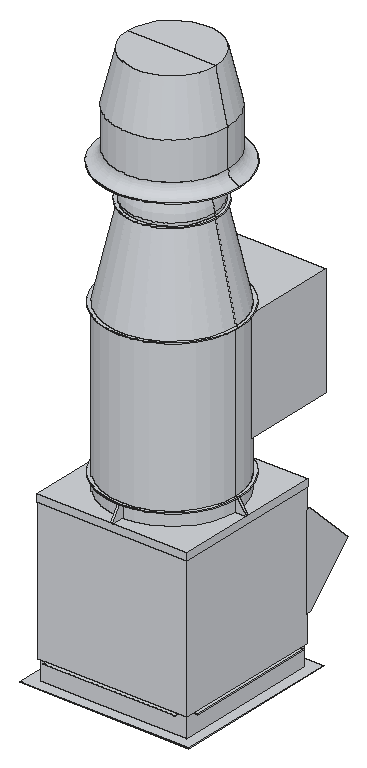
Revit family "QMXVP_with_Mixing_Box", category Mechanical Equipment, Revit 2019
Family settings
  Round Connector Dimension = Use Diameter
  Part Type = Normal
  Work Plane-Based = No
  Always vertical = Yes
  Cut with Voids When Loaded = No
  Shared = No
  Room Calculation Point = No
Parameters (values of type "402_QMXVP-27L-Mixing_Box")
  Unit Weight [instance] = ""
  UNIT_RADIUS+4" = UNIT_RADIUS + 0' 4"  # 2' - 8 15/32"
  UNIT_RADIUS*.6 = UNIT_RADIUS * 0.9  # 2' - 1.62188"
  UNIT_RADIUS = UNIT_OD / 2  # 2' - 4 15/32"
  UNIT_OD = 4' - 8 15/16"
  UNIT_HEIGHT*.75 = UNIT_HEIGHT * 0.75  # 4' - 3 3/8"
  UNIT_HEIGHT = 5' - 8 1/2"
  TYPE = 0' - 0"
  TRANSITION_TOP = 9' - 10 3/4"
  Sones [instance] = ""
  RO/2 = RO / 2  # 2' - 5 23/32"
  RO = 4' - 11 7/16"
  NOZZLE_WB_RAD-2" = NOZZLE_WB_RAD - 0' 2"  # 2' - 4 1/2"
  NOZZLE_WB_RAD = NOZZLE_WB_OD / 2  # 2' - 6 1/2"
  NOZZLE_WB/4 = NOZZLE_WB_OD / 5  # 1' - 0.2"
  NOZZLE_TOP_RAD = NOZZLE_TOP_OD / 2  # 1' - 7 27/32"
  NOZZLE_TOP_OD = if(NOZZLE_SIZE = 9' 0", 1' 1 1/2", if(NOZZLE_SIZE = 12' 0", 1' 7 1/2", if(NOZZLE_SIZE = 15' 0", 1' 11", if(NOZZLE_SIZE = 18' 0", 2' 3 1/2", if(NOZZLE_SIZE = 21' 0", 2' 6 3/4", if(NOZZLE_SIZE = 24' 0", 3' 0 1/2", if(NOZZLE_SIZE = 27' 0", 3' 3 11/16", if(NOZZLE_SIZE = 30' 0", 3' 9 1/2", if(NOZZLE_SIZE = 36' 0", 4' 10", if(NOZZLE_SIZE = 49' 0", 6' 4", 0' 1"))))))))))  # 3' - 3 11/16"
  NOZZLE_SIZE = 27' - 0"
  NOZZLE_HEIGHT/7*2 = NOZZLE_HEIGHT / 8 * 2  # 1' - 3 5/32"
  NOZZLE_HEIGHT = if(NOZZLE_SIZE = 9' 0", 2' 4", if(NOZZLE_SIZE = 12' 0", 2' 8", if(NOZZLE_SIZE = 15' 0", 3' 7", if(NOZZLE_SIZE = 18' 0", 4' 0", if(NOZZLE_SIZE = 21' 0", 4' 4 3/4", if(NOZZLE_SIZE = 24' 0", 5' 2", if(NOZZLE_SIZE = 30' 0", 6' 6", if(NOZZLE_SIZE = 27' 0", 5' 0 5/8", if(NOZZLE_SIZE = 36' 0", 7' 11", if(NOZZLE_SIZE = 49' 0", 9' 2", 0' 1"))))))))))  # 5' - 0 5/8"
  NOZZLE_BOTTOM_RAD = NOZZLE_BOTTOM_ID / 2  # 1' - 7 5/32"
  NOZZLE_WB_OD = if(NOZZLE_SIZE = 9' 0", 1' 11", if(NOZZLE_SIZE = 12' 0", 2' 4", if(NOZZLE_SIZE = 15' 0", 3' 0", if(NOZZLE_SIZE = 18' 0", 3' 7", if(NOZZLE_SIZE = 21' 0", 4' 1", if(NOZZLE_SIZE = 24' 0", 5' 1", if(NOZZLE_SIZE = 27' 0", 5' 1", if(NOZZLE_SIZE = 30' 0", 6' 2", if(NOZZLE_SIZE = 36' 0", 7' 6", if(NOZZLE_SIZE = 49' 0", 8' 5", 0' 1"))))))))))  # 5' - 1"
  NOZZLE_BOTTOM_ID = if(NOZZLE_SIZE = 9' 0", 1' 0 13/16", if(NOZZLE_SIZE = 12' 0", 1' 5 1/16", if(NOZZLE_SIZE = 15' 0", 1' 9 3/8", if(NOZZLE_SIZE = 18' 0", 2' 1 5/8", if(NOZZLE_SIZE = 21' 0", 2' 4 3/4", if(NOZZLE_SIZE = 24' 0", 2' 10 3/4", if(NOZZLE_SIZE = 27' 0", 3' 2 5/16", if(NOZZLE_SIZE = 30' 0", 3' 6 1/2", if(NOZZLE_SIZE = 36' 0", 4' 3 3/4", if(NOZZLE_SIZE = 49' 0", 5' 9 3/8", 0' 1"))))))))))  # 3' - 2 5/16"
  Motor RPM [instance] = ""
  Motor Enclosure [instance] = ""
  ModelID [instance] = ""
  MB_HT/2 = MB_HT / 2  # 2' - 8 31/32"
  MB_HT-2.75" = MB_HT - 0' 2 3/4"  # 5' - 3 3/16"
  MB_HT+.25" = MB_HT + 0' 0 1/4"  # 5' - 6 3/16"
  MB_HT = 5' - 5 15/16"
  MB_A = 7' - 6"
  LwA [instance] = ""
  GA = if(UNIT_OD > 7' 0", 0' 0 23/128", if(UNIT_OD > 5' 9", 0' 0 17/128", 0' 0 27/256"))  # 0' - 0 27/256"
  Fan RPM [instance] = ""
  E = 5' - 5 3/4"
  CURB_HEIGHT [instance] = 1' - 0"
  CURB [instance] = yes
  C/2 = C / 2  # 3' - 8"
  C = 7' - 4"
  Bypass Damper Actuator = ""
  B/2 = B / 2  # 7' - 7 1/2"
  B = 15' - 3"
  Assembly Code = ""
  Accessories [instance] = ""
  A/2 = A / 2  # 2' - 9 1/2"
  A = 5' - 7"
  6" = 0' - 6"  # constant formula
  5" = 0' - 5"  # constant formula
  3.125" = 0' - 3 1/8"  # constant formula
  3" = 0' - 3"  # constant formula
  Brake Hp [instance] = ""
  4" = 0' - 4"  # constant formula
  2' = 2' - 0"
  2" = 0' - 2"  # constant formula
  135 = 135.00°
  1" = 0' - 1"  # constant formula
  0 = 0' - 0"  # constant formula
  Voltage [instance] = 0 V
  URL = "www.lorencook.com"
  Type Comments = if(TYPE = 1' 0", "Vari-Plume Laboratory Exhaust Mixed-Flow High Pressure Inline Belt Drive With Mixing Box\r\n", "Vari-Plume Laboratory Exhaust Mixed-Flow Inline Belt Drive With Mixing Box\r\n")  # "Vari-Plume Laboratory Exhaust Mixed-Flow Inline Belt Drive With Mixing Box\r\n"
  Static Pressure [instance] = 0.00 in-wg
  Power [instance] = Voltage * Motor FLA * sqrt(if(Phase = 3, 3, 1))  # 0 VA
  Phase [instance] = 0
  Number of Poles [instance] = 1
  Motor Hp [instance] = "0"
  Motor FLA [instance] = 0 A
  Model = if(TYPE = 1' 0", "QMXHPVP-Mixing Box", "QMXVP-Mixing Box")  # "QMXVP-Mixing Box"
  Manufacturer = "Loren Cook Company"
  CFM [instance] = 0 CFM
  1.5 = 0' - 1 1/2"  # constant formula
  1/4 = 0' - 0 1/4"  # constant formula
  ONE EIGTH = 0' - 0 1/8"  # constant formula
  -A = -A  # -5' - 7"
  (NOZZLE_WB_OD-NOZZLE_TOP_OD)/2 = (NOZZLE_WB_OD - NOZZLE_TOP_OD) / 4  # 0' - 5 21/64"
  (NOZZLE_HEIGHT-(NOZZLE_HEIGHT/8*2))/2 = (NOZZLE_HEIGHT - (NOZZLE_HEIGHT / 8 * 2)) / 2  # 1' - 10 47/64"
  (A/2)+.25" = (A / 2) + 0' 0 1/4"  # 2' - 9 3/4"
Reference planes (in)
  plane 1 "Center (Front/Back)": y = 0
  plane 2: z = 0
  plane 3 "Center (Left/Right)": x = 0.40541
Forms (in)
  Extrusion 1, solid
    sketch origin (0, 0, 0) x (1, 0, 0) y (0, 1, 0)
      loop
        line (-33.34459, 33.75) -> (-33.34459, -33.75) -> (34.15541, -33.75) -> (34.15541, 33.75) -> (-33.34459, 33.75)
    from 66.1875 <- "MB_HT+.25"" to 63.1875 <- "MB_HT-2.75""
  Revolve 2, solid
    sketch origin (0, 0, 0) x (1, 0, 0) y (0, 0, 1)
      loop
        line (0.40541, 66.1875) -> (28.87416, 66.1875) -> (28.87416, 72.1875) -> (30.37416, 72.1875) -> (30.37416, 72.4375) -> (28.87416, 72.4375) -> (28.87416, 140.4375) -> (30.37416, 140.4375) -> (30.37416, 140.6875) -> (28.87416, 140.6875) -> (19.56166, 181.6875) -> (21.06166, 181.6875) -> (21.06166, 181.9375) -> (0.40541, 181.9375) -> (0.40541, 66.1875)
      axis (0.40541, 181.9375) -> (0.40541, 66.1875)
    angle from 0 to 360
  Revolve 3, solid
    sketch origin (0, 0, 0) x (1, 0, 0) y (0, 0, 1)
      loop
        line (0.40541, 181.9375) -> (19.56166, 181.9375) -> (19.56166, 182.9375)
        arc (19.56166, 182.9375) -> (17.72865, 190.82402) -> (12.60541, 197.09375) r 17.8824
        line (12.60541, 197.09375) -> (30.90541, 197.09375) -> (20.24916, 242.5625) -> (0.40541, 242.5625) -> (0.40541, 181.9375)
      axis (0.40541, 242.5625) -> (0.40541, 181.9375)
    angle from 0 to 360
  Extrusion 4, solid
    sketch origin (0.40541, 0, 140.4375) x (1, 0, 0) y (0, -1, 0)
      loop
        line (-25.62187, -12.40924) -> (-25.62187, -54.25) -> (25.62188, -54.25) -> (25.62188, -12.40924)
        arc (25.62188, -12.40924) -> (0, -28.46875) -> (-25.62187, -12.40924) r 28.46875
    from 51.375 <- "UNIT_HEIGHT*.75" to 1.5
  Extrusion 5, solid
    sketch origin (0, 0, 0) x (1, 0, 0) y (0, 0, 1)
      loop
        line (-33.34459, 66.1875) -> (-28.06334, 66.1875) -> (-28.06334, 72.1875) -> (-29.56334, 72.1875) -> (-33.34459, 66.1875)
      loop
        line (34.15541, 66.1875) -> (30.37416, 72.1875) -> (28.87416, 72.1875) -> (28.87416, 66.1875) -> (34.15541, 66.1875)
    from -0.5 to 0.5
  Extrusion 6, solid
    sketch origin (0.40541, 0, 0) x (0, 1, 0) y (0, 0, 1)
      loop
        line (33.75, 66.1875) -> (29.96875, 72.1875) -> (28.46875, 72.1875) -> (28.46875, 66.1875) -> (33.75, 66.1875)
      loop
        line (-33.75, 66.1875) -> (-28.46875, 66.1875) -> (-28.46875, 72.1875) -> (-29.96875, 72.1875) -> (-33.75, 66.1875)
    from -0.5 to 0.5
  Extrusion 7, solid
    sketch origin (0.40541, 0, 72.1875) x (1, 0, 0) y (0, -1, 0)
      loop
        line (-28.46875, 2) -> (-32.46875, 2) -> (-32.46875, -2) -> (-28.46875, -2) -> (-28.46875, 2)
    from -10 to -6
  Revolve 8, void
    sketch origin (0, 0, 0) x (1, 0, 0) y (0, 0, 1)
      loop
        arc (25.57729, 202.67188) -> (30.90541, 197.34375) -> (36.23354, 202.67188) r 5.32812
        line (36.23354, 202.67188) -> (36.23354, 219.82813) -> (25.57729, 219.82813) -> (25.57729, 202.67188)
      axis (0.40541, 202.67188) -> (0.40541, 219.82813)
    angle from 0 to 360
  Extrusion 9, solid
    sketch origin (0, 0, 0) x (1, 0, 0) y (0, 1, 0)
      loop
        line (-33.09459, 33.5) -> (-33.09459, -33.5) -> (33.90541, -33.5) -> (33.90541, 33.5) -> (-33.09459, 33.5)
    from 0 to 63.1875 <- "MB_HT-2.75""
  Extrusion 10, void
    sketch origin (0, 0, 0) x (1, 0, 0) y (0, 1, 0)
      loop
        line (-32.84459, 33.25) -> (-32.84459, -33.25) -> (33.65541, -33.25) -> (33.65541, 33.25) -> (-32.84459, 33.25)
    from 0 to 2.875
  Extrusion 11, solid
    sketch origin (0, 0, 0) x (1, 0, 0) y (0, 1, 0)
      loop
        line (-33.34459, 29.75) -> (-34.84459, 29.75) -> (-34.84459, -29.75) -> (-33.34459, -29.75) -> (-33.34459, 29.75)
      loop
        line (-29.34459, -33.75) -> (-29.34459, -35.25) -> (30.15541, -35.25) -> (30.15541, -33.75) -> (-29.34459, -33.75)
      loop
        line (34.15541, -29.75) -> (35.65541, -29.75) -> (35.65541, 29.75) -> (34.15541, 29.75) -> (34.15541, -29.75)
      loop
        line (30.15541, 33.75) -> (30.15541, 35.25) -> (-29.34459, 35.25) -> (-29.34459, 33.75) -> (30.15541, 33.75)
    from 0 to 0.125
  Extrusion 12, solid
    sketch origin (-33.09459, 33.5, 0) x (1, 0, 0) y (0, 0, -1)
      loop
        line (63, -61.1875) -> (63, -56.1875) -> (4, -56.1875) -> (4, -61.1875) -> (63, -61.1875)
    from 0 to 0.125
  Extrusion 13, solid
    sketch origin (-33.09459, 33.625, 0) x (1, 0, 0) y (0, 0, -1)
      loop
        line (11, -60.1875) -> (11, -57.1875) -> (5, -57.1875) -> (5, -60.1875) -> (11, -60.1875)
    from 0 to 3.5
  Extrusion 14, solid
    sketch origin (-33.09459, -33.5, 0) x (0, 1, 0) y (0, 0, -1)
      loop
        line (67, -53.96875) -> (69, -53.96875) -> (90, -32.96875) -> (69, -11.96875) -> (67, -11.96875) -> (67, -53.96875)
    from 0 to -67 <- "-A"
  Extrusion 15, solid, visible <- "CURB"
    sketch origin (0, 0, 2.875) x (0, 1, 0) y (1, 0, 0)
      loop
        line (29.71875, -29.31334) -> (29.71875, 30.12416) -> (-29.71875, 30.12416) -> (-29.71875, -29.31334) -> (29.71875, -29.31334)
      loop
        line (-32.84375, 33.24916) -> (-32.84375, -32.43834) -> (32.84375, -32.43834) -> (32.84375, 33.24916) -> (-32.84375, 33.24916)
    from 0 to 12 <- "CURB_HEIGHT"
  Extrusion 16, solid, visible <- "CURB"
    sketch origin (0, 0, -9.125) x (-1, 0, 0) y (0, 1, 0)
      loop
        line (32.43834, -32.84375) -> (32.43834, 32.84375) -> (-33.24916, 32.84375) -> (-33.24916, -32.84375) -> (32.43834, -32.84375)
      loop
        line (-38.24916, 37.84375) -> (-38.24916, -37.84375) -> (37.43834, -37.84375) -> (37.43834, 37.84375) -> (-38.24916, 37.84375)
    from 0 to -0.125
Cuts and joins
  Revolve 8 cuts Revolve 3
  Extrusion 10 cuts Extrusion 9
Dimensions and locks (in)
  "(A/2)+.25"": Extrusion 1 sketch curve to plane 3 "Center (Left/Right)"
  "(A/2)+.25"": plane 3 "Center (Left/Right)" to Extrusion 1 sketch curve
  "(A/2)+.25"": plane 1 "Center (Front/Back)" to Extrusion 1 sketch curve
  "(A/2)+.25"": Extrusion 1 sketch curve to plane 1 "Center (Front/Back)"
  "1/4": Revolve 2 sketch curve to Revolve 2 sketch curve  (x3)
  "1.5": Revolve 2 sketch curve to Revolve 2 sketch curve  (x3)
  "NOZZLE_BOTTOM_RAD": Revolve 2 sketch curve to plane 3 "Center (Left/Right)"
  "UNIT_HEIGHT": Revolve 2 sketch curve to Revolve 2 sketch curve
  "UNIT_RADIUS": Revolve 2 sketch curve to plane 3 "Center (Left/Right)"
  "UNIT_RADIUS": Revolve 2 sketch curve to Revolve 2 sketch curve
  "0": Revolve 2 sketch curve to plane 3 "Center (Left/Right)"  (x2)
  "0": Revolve 3 sketch curve to plane 3 "Center (Left/Right)"  (x2)
  "NOZZLE_TOP_RAD": Revolve 3 sketch curve to plane 3 "Center (Left/Right)"
  "NOZZLE_HEIGHT": Revolve 3 sketch curve to Revolve 2
  "0": Revolve 3 sketch curve to Revolve 2
  "NOZZLE_WB_RAD": Revolve 3 sketch curve to plane 3 "Center (Left/Right)"
  "NOZZLE_HEIGHT/7*2": Revolve 3 sketch curve to Revolve 3 sketch curve
  "NOZZLE_BOTTOM_RAD": Revolve 3 sketch curve to plane 3 "Center (Left/Right)"
  "1"": Revolve 3 sketch curve to Revolve 2  (x2)
  "NOZZLE_WB/4": Revolve 3 sketch curve to Revolve 3 sketch curve
  "0": Revolve 2 sketch curve to Revolve 2 sketch curve
  "0": Extrusion 4 sketch curve to plane 3 "Center (Left/Right)"
  "0": Extrusion 4 sketch curve to plane 1 "Center (Front/Back)"
  "UNIT_RADIUS*.6": Extrusion 4 sketch curve to plane 3 "Center (Left/Right)"
  "UNIT_RADIUS*.6": plane 3 "Center (Left/Right)" to Extrusion 4 sketch curve
  "0": Revolve 2 to Extrusion 5 sketch curve  (x3)
  "0": Extrusion 5 sketch curve to Revolve 2
  "1.5": Extrusion 5 sketch curve to Extrusion 5 sketch curve  (x2)
  "0": Revolve 2 to Extrusion 6 sketch curve
  "0": Extrusion 6 sketch curve to Revolve 2
  "UNIT_RADIUS": plane 1 "Center (Front/Back)" to Extrusion 6 sketch curve
  "UNIT_RADIUS": Extrusion 6 sketch curve to plane 1 "Center (Front/Back)"
  "1.5": Extrusion 6 sketch curve to Extrusion 6 sketch curve  (x2)
  "2"": plane 1 "Center (Front/Back)" to Extrusion 7 sketch curve
  "2"": Extrusion 7 sketch curve to plane 1 "Center (Front/Back)"
  "UNIT_RADIUS+4"": Extrusion 7 sketch curve to plane 3 "Center (Left/Right)"
  "UNIT_RADIUS": Extrusion 7 sketch curve to plane 3 "Center (Left/Right)"
  "NOZZLE_WB_RAD": Revolve 8 sketch curve to plane 3 "Center (Left/Right)"
  "(NOZZLE_WB_OD-NOZZLE_TOP_OD)/2": Revolve 8 sketch curve to Revolve 8 sketch curve  (x2)
  "1/4": Revolve 8 sketch curve to Revolve 3
  "(NOZZLE_HEIGHT-(NOZZLE_HEIGHT/8*2))/2": Revolve 8 sketch curve to Revolve 3
  "0": plane 3 "Center (Left/Right)" to Revolve 8 sketch curve
  "1/4": Extrusion 1 to Extrusion 9 sketch curve  (x3)
  "1/4": Extrusion 9 sketch curve to Extrusion 1
  "1/4": Extrusion 10 sketch curve to Extrusion 9  (x3)
  "1/4": Extrusion 9 to Extrusion 10 sketch curve
  "1.5": Extrusion 11 sketch curve to Extrusion 11 sketch curve  (x4)
  "0": Extrusion 11 sketch curve to Extrusion 1  (x3)
  "0": Extrusion 1 to Extrusion 11 sketch curve
  "4"": Extrusion 11 sketch curve to Extrusion 1  (x2)
  "4"": Extrusion 1 to Extrusion 11 sketch curve  (x6)
  "4"": cut or joined group of Extrusion 9, Extrusion 10 to Extrusion 12 sketch curve  (x2)
  "5"": Extrusion 12 sketch curve to Extrusion 12 sketch curve
  "2"": Extrusion 12 sketch curve to cut or joined group of Extrusion 9, Extrusion 10
  "1"": Extrusion 13 sketch curve to Extrusion 12  (x2)
  "1"": Extrusion 12 to Extrusion 13 sketch curve
  "6"": Extrusion 13 sketch curve to Extrusion 13 sketch curve
  "TRANSITION_TOP": cut or joined group of Extrusion 9, Extrusion 10 to Revolve 2 sketch curve
  "0": Extrusion 1 to Revolve 2 sketch curve
  "C": Extrusion 1 to Extrusion 4 sketch curve
  "0": Extrusion 5 sketch curve to Extrusion 1  (x2)
  "0": Extrusion 1 to Extrusion 5 sketch curve  (x2)
  "0": Extrusion 6 sketch curve to Extrusion 1  (x3)
  "0": Extrusion 1 to Extrusion 6 sketch curve
  "MB_HT/2": Extrusion 14 sketch curve to level
  "2"": Extrusion 14 sketch curve to Extrusion 14 sketch curve  (x2)
  "0": Extrusion 14 sketch curve to cut or joined group of Extrusion 9, Extrusion 10
  "MB_A": Extrusion 14 sketch curve to cut or joined group of Extrusion 9, Extrusion 10
  "3.125"": Extrusion 15 sketch curve to Extrusion 15 sketch curve  (x4)
  "RO/2": plane 1 "Center (Front/Back)" to Extrusion 15 sketch curve
  "RO/2": Extrusion 15 sketch curve to plane 1 "Center (Front/Back)"
  "RO/2": Extrusion 15 sketch curve to plane 3 "Center (Left/Right)"
  "RO/2": plane 3 "Center (Left/Right)" to Extrusion 15 sketch curve
  "5"": Extrusion 16 sketch curve to Extrusion 16 sketch curve  (x4)
  "0": Extrusion 16 sketch curve to Extrusion 15  (x3)
  "0": Extrusion 15 to Extrusion 16 sketch curve
  "UNIT_RADIUS": radius of Extrusion 4 sketch curve
  "135": angle Extrusion 14 sketch curve to Extrusion 14 sketch curve  (x2)
Automatic sketch dimensions
  Revolve 2 sketch curve to Revolve 2 sketch curve = 0' - 0"
  Revolve 2 sketch curve to Revolve 2 sketch curve = 0' - 4"
  Extrusion 4 sketch curve to Extrusion 4 sketch curve = 0' - 0"
  Revolve 3 sketch curve to Revolve 3 sketch curve = 0' - 7"
  Revolve 3 sketch curve to Revolve 3 sketch curve = 0' - 3"
  Revolve 8 sketch curve to Revolve 8 sketch curve = 1' - 1"
  Revolve 8 sketch curve to Revolve 8 sketch curve = 4' - 5.21605"
  Revolve 2 sketch curve to Revolve 2 sketch curve = 0' - 6"
Connectors (in)
  electrical at (-30.06334, 0, 78.1875)
    settings: on Extrusion 7, index 2, voltage 0 V, apparent load 0 VA, apparent load phase1 0 VA, apparent load phase2 0 VA, apparent load phase3 0 VA, power factor 1, load classification "Other", number of poles 1, system type 30, power factor state 1, is connector primary yes, connector utility no, sub classification motor no, connector description ""
  electrical at (0.40541, 34.5, 11.96875), driven by "Bypass Damper Actuator"
    settings: on Extrusion 14, index 4, voltage 0 V, apparent load 0 VA, apparent load phase1 0 VA, apparent load phase2 0 VA, apparent load phase3 0 VA, power factor 1, load classification "Other", number of poles 1, system type 13, power factor state 1, is connector primary no, connector utility no, sub classification motor no, connector description ""
  hvac at (0.40541, 0, 2.875), driven by "CFM", driven by "RO", driven by "RO"
    settings: on cut or joined group of Extrusion 9, Extrusion 10, index 5, duct flow 0 CFM, flow factor 0, pres drop 0.00 in-wg, loss coef 0, conn angle 0.00°, conn width 59 7/16", conn height 59 7/16", conn diameter 24", duct sys type 3, conn prof type 1, flow config 0, flow direction 1, loss method 0, conn ref index -1, conn util no, is conn primary yes, conn desc ""
Types (225): name | UNIT_RADIUS+4" | UNIT_RADIUS*.6 | UNIT_RADIUS | UNIT_OD | UNIT_HEIGHT*.75 | UNIT_HEIGHT | TYPE | TRANSITION_TOP | RO/2 | RO | NOZZLE_WB_RAD-2" | NOZZLE_WB_RAD | NOZZLE_WB/4 | NOZZLE_TOP_RAD | NOZZLE_TOP_OD | NOZZLE_SIZE | NOZZLE_HEIGHT/7*2 | NOZZLE_HEIGHT | NOZZLE_BOTTOM_RAD | NOZZLE_WB_OD | NOZZLE_BOTTOM_ID | MB_HT/2 | MB_HT-2.75" | MB_HT+.25" | MB_HT | MB_A | GA | E | C/2 | C | B/2 | B | A/2 | A | Type Comments | Model | -A | (NOZZLE_WB_OD-NOZZLE_TOP_OD)/2 | (NOZZLE_HEIGHT-(NOZZLE_HEIGHT/8*2))/2 | (A/2)+.25"
  (no name) | 2' - 8 15/32" | 2' - 1.62188" | 2' - 4 15/32" | 4' - 8 15/16" | 4' - 3 3/8" | 5' - 8 1/2" | 0' - 0" | 9' - 10 3/4" | 2' - 5 23/32" | 4' - 11 7/16" | 2' - 4 1/2" | 2' - 6 1/2" | 1' - 0.2" | 1' - 7 27/32" | 3' - 3 11/16" | 27' - 0" | 1' - 3 5/32" | 5' - 0 5/8" | 1' - 7 5/32" | 5' - 1" | 3' - 2 5/16" | 2' - 8 31/32" | 5' - 3 3/16" | 5' - 6 3/16" | 5' - 5 15/16" | 7' - 6" | 0' - 0 27/256" | 5' - 5 3/4" | 3' - 8" | 7' - 4" | 7' - 7 1/2" | 15' - 3" | 2' - 9 1/2" | 5' - 7" | "Vari-Plume Laboratory Exhaust Mixed-Flow Inline Belt Drive With Mixing Box\r\n" | "QMXVP-Mixing Box" | -5' - 7" | 0' - 5 21/64" | 1' - 10 47/64" | 2' - 9 3/4"
  90_QMXVP-9L-Mixing_Box | 0' - 10 13/32" | 0' - 5 49/64" | 0' - 6 13/32" | 1' - 0 13/16" | 1' - 2 29/32" | 1' - 7 7/8" | 0' - 0" | 3' - 1 1/16" | 0' - 10 1/2" | 1' - 9" | 0' - 9 1/2" | 0' - 11 1/2" | 0' - 4.6" | 0' - 6 3/4" | 1' - 1 1/2" | 9' - 0" | 0' - 7" | 2' - 4" | 0' - 6 13/32" | 1' - 11" | 1' - 0 13/16" | 1' - 2 19/32" | 2' - 2 7/16" | 2' - 5 7/16" | 2' - 5 3/16" | 2' - 10" | 0' - 0 27/256" | 2' - 3 3/16" | 1' - 3" | 2' - 6" | 2' - 8 1/2" | 5' - 5" | 1' - 2" | 2' - 4" | "Vari-Plume Laboratory Exhaust Mixed-Flow Inline Belt Drive With Mixing Box\r\n" | "QMXVP-Mixing Box" | -2' - 4" | 0' - 2 3/8" | 0' - 10 1/2" | 1' - 2 1/4"
  490_QMXVP-49H-Mixing_Box | 3' - 2 11/16" | 2' - 7 7/32" | 2' - 10 11/16" | 5' - 9 3/8" | 5' - 0 3/8" | 6' - 8 1/2" | 0' - 0" | 8' - 0 3/4" | 3' - 0 1/8" | 6' - 0 1/4" | 4' - 0 1/2" | 4' - 2 1/2" | 1' - 8.2" | 3' - 2" | 6' - 4" | 49' - 0" | 2' - 3 1/2" | 9' - 2" | 2' - 10 11/16" | 8' - 5" | 5' - 9 3/8" | 3' - 7 15/32" | 7' - 0 3/16" | 7' - 3 3/16" | 7' - 2 15/16" | 9' - 5" | 0' - 0 17/128" | 6' - 6 1/2" | 4' - 3 1/2" | 8' - 7" | 9' - 1 1/2" | 18' - 3" | 3' - 4" | 6' - 8" | "Vari-Plume Laboratory Exhaust Mixed-Flow Inline Belt Drive With Mixing Box\r\n" | "QMXVP-Mixing Box" | -6' - 8" | 0' - 6 1/4" | 3' - 5 1/4" | 3' - 4 1/4"
  90_QMXVP-9H-Mixing_Box | 0' - 10 13/32" | 0' - 5 49/64" | 0' - 6 13/32" | 1' - 0 13/16" | 1' - 2 29/32" | 1' - 7 7/8" | 0' - 0" | 3' - 1 1/16" | 0' - 10 1/2" | 1' - 9" | 0' - 9 1/2" | 0' - 11 1/2" | 0' - 4.6" | 0' - 6 3/4" | 1' - 1 1/2" | 9' - 0" | 0' - 7" | 2' - 4" | 0' - 6 13/32" | 1' - 11" | 1' - 0 13/16" | 1' - 2 19/32" | 2' - 2 7/16" | 2' - 5 7/16" | 2' - 5 3/16" | 2' - 10" | 0' - 0 27/256" | 2' - 3 3/16" | 1' - 3" | 2' - 6" | 2' - 8 1/2" | 5' - 5" | 1' - 2" | 2' - 4" | "Vari-Plume Laboratory Exhaust Mixed-Flow Inline Belt Drive With Mixing Box\r\n" | "QMXVP-Mixing Box" | -2' - 4" | 0' - 2 3/8" | 0' - 10 1/2" | 1' - 2 1/4"
  120_QMXVP-9L-Mixing_Box | 1' - 0 17/32" | 0' - 7.67813" | 0' - 8 17/32" | 1' - 5 1/16" | 1' - 2 29/32" | 1' - 7 7/8" | 0' - 0" | 3' - 7 3/16" | 0' - 10 1/2" | 1' - 9" | 0' - 9 1/2" | 0' - 11 1/2" | 0' - 4.6" | 0' - 6 3/4" | 1' - 1 1/2" | 9' - 0" | 0' - 7" | 2' - 4" | 0' - 6 13/32" | 1' - 11" | 1' - 0 13/16" | 1' - 3 23/32" | 2' - 4 11/16" | 2' - 7 11/16" | 2' - 7 7/16" | 2' - 11" | 0' - 0 27/256" | 2' - 3 3/16" | 1' - 6 1/2" | 3' - 1" | 2' - 11 1/2" | 5' - 11" | 1' - 2" | 2' - 4" | "Vari-Plume Laboratory Exhaust Mixed-Flow Inline Belt Drive With Mixing Box\r\n" | "QMXVP-Mixing Box" | -2' - 4" | 0' - 2 3/8" | 0' - 10 1/2" | 1' - 2 1/4"
  120_QMXVP-9H-Mixing_Box | 1' - 0 17/32" | 0' - 7.67813" | 0' - 8 17/32" | 1' - 5 1/16" | 1' - 2 29/32" | 1' - 7 7/8" | 0' - 0" | 3' - 7 3/16" | 0' - 10 1/2" | 1' - 9" | 0' - 9 1/2" | 0' - 11 1/2" | 0' - 4.6" | 0' - 6 3/4" | 1' - 1 1/2" | 9' - 0" | 0' - 7" | 2' - 4" | 0' - 6 13/32" | 1' - 11" | 1' - 0 13/16" | 1' - 3 23/32" | 2' - 4 11/16" | 2' - 7 11/16" | 2' - 7 7/16" | 2' - 11" | 0' - 0 27/256" | 2' - 3 3/16" | 1' - 6 1/2" | 3' - 1" | 2' - 11 1/2" | 5' - 11" | 1' - 2" | 2' - 4" | "Vari-Plume Laboratory Exhaust Mixed-Flow Inline Belt Drive With Mixing Box\r\n" | "QMXVP-Mixing Box" | -2' - 4" | 0' - 2 3/8" | 0' - 10 1/2" | 1' - 2 1/4"
  120_QMXVP-12L-Mixing_Box | 1' - 0 17/32" | 0' - 7.67813" | 0' - 8 17/32" | 1' - 5 1/16" | 1' - 2 29/32" | 1' - 7 7/8" | 0' - 0" | 3' - 3 7/16" | 0' - 10 1/2" | 1' - 9" | 1' - 0" | 1' - 2" | 0' - 5.6" | 0' - 9 3/4" | 1' - 7 1/2" | 12' - 0" | 0' - 8" | 2' - 8" | 0' - 8 17/32" | 2' - 4" | 1' - 5 1/16" | 1' - 3 23/32" | 2' - 4 11/16" | 2' - 7 11/16" | 2' - 7 7/16" | 2' - 11" | 0' - 0 27/256" | 2' - 3 3/16" | 1' - 6 1/2" | 3' - 1" | 2' - 11 1/2" | 5' - 11" | 1' - 2" | 2' - 4" | "Vari-Plume Laboratory Exhaust Mixed-Flow Inline Belt Drive With Mixing Box\r\n" | "QMXVP-Mixing Box" | -2' - 4" | 0' - 2 1/8" | 1' - 0" | 1' - 2 1/4"
  120_QMXVP-12H-Mixing_Box | 1' - 0 17/32" | 0' - 7.67813" | 0' - 8 17/32" | 1' - 5 1/16" | 1' - 2 29/32" | 1' - 7 7/8" | 0' - 0" | 3' - 3 7/16" | 0' - 10 1/2" | 1' - 9" | 1' - 0" | 1' - 2" | 0' - 5.6" | 0' - 9 3/4" | 1' - 7 1/2" | 12' - 0" | 0' - 8" | 2' - 8" | 0' - 8 17/32" | 2' - 4" | 1' - 5 1/16" | 1' - 3 23/32" | 2' - 4 11/16" | 2' - 7 11/16" | 2' - 7 7/16" | 2' - 11" | 0' - 0 27/256" | 2' - 3 3/16" | 1' - 6 1/2" | 3' - 1" | 2' - 11 1/2" | 5' - 11" | 1' - 2" | 2' - 4" | "Vari-Plume Laboratory Exhaust Mixed-Flow Inline Belt Drive With Mixing Box\r\n" | "QMXVP-Mixing Box" | -2' - 4" | 0' - 2 1/8" | 1' - 0" | 1' - 2 1/4"
  135_QMXVP-9L-Mixing_Box | 1' - 1 5/8" | 0' - 8.6625" | 0' - 9 5/8" | 1' - 7 1/4" | 1' - 8 1/4" | 2' - 3" | 0' - 0" | 4' - 0 11/16" | 0' - 10 15/32" | 1' - 8 15/16" | 0' - 9 1/2" | 0' - 11 1/2" | 0' - 4.6" | 0' - 6 3/4" | 1' - 1 1/2" | 9' - 0" | 0' - 7" | 2' - 4" | 0' - 6 13/32" | 1' - 11" | 1' - 0 13/16" | 1' - 4 23/32" | 2' - 6 11/16" | 2' - 9 11/16" | 2' - 9 7/16" | 3' - 0" | 0' - 0 27/256" | 2' - 3 1/8" | 1' - 7 1/2" | 3' - 3" | 3' - 2 1/2" | 6' - 5" | 1' - 2" | 2' - 4" | "Vari-Plume Laboratory Exhaust Mixed-Flow Inline Belt Drive With Mixing Box\r\n" | "QMXVP-Mixing Box" | -2' - 4" | 0' - 2 3/8" | 0' - 10 1/2" | 1' - 2 1/4"
  135_QMXVP-9H-Mixing_Box | 1' - 1 5/8" | 0' - 8.6625" | 0' - 9 5/8" | 1' - 7 1/4" | 1' - 8 1/4" | 2' - 3" | 0' - 0" | 4' - 0 11/16" | 0' - 10 15/32" | 1' - 8 15/16" | 0' - 9 1/2" | 0' - 11 1/2" | 0' - 4.6" | 0' - 6 3/4" | 1' - 1 1/2" | 9' - 0" | 0' - 7" | 2' - 4" | 0' - 6 13/32" | 1' - 11" | 1' - 0 13/16" | 1' - 4 23/32" | 2' - 6 11/16" | 2' - 9 11/16" | 2' - 9 7/16" | 3' - 0" | 0' - 0 27/256" | 2' - 3 1/8" | 1' - 7 1/2" | 3' - 3" | 3' - 2 1/2" | 6' - 5" | 1' - 2" | 2' - 4" | "Vari-Plume Laboratory Exhaust Mixed-Flow Inline Belt Drive With Mixing Box\r\n" | "QMXVP-Mixing Box" | -2' - 4" | 0' - 2 3/8" | 0' - 10 1/2" | 1' - 2 1/4"
  150_QMXVP-9L-Mixing_Box | 1' - 2 11/16" | 0' - 9.61875" | 0' - 10 11/16" | 1' - 9 3/8" | 1' - 10 1/2" | 2' - 6" | 0' - 0" | 4' - 6 1/4" | 0' - 11 15/32" | 1' - 10 15/16" | 0' - 9 1/2" | 0' - 11 1/2" | 0' - 4.6" | 0' - 6 3/4" | 1' - 1 1/2" | 9' - 0" | 0' - 7" | 2' - 4" | 0' - 6 13/32" | 1' - 11" | 1' - 0 13/16" | 1' - 5 19/32" | 2' - 8 7/16" | 2' - 11 7/16" | 2' - 11 3/16" | 3' - 2" | 0' - 0 27/256" | 2' - 5 1/8" | 1' - 9" | 3' - 6" | 3' - 7 1/2" | 7' - 3" | 1' - 3" | 2' - 6" | "Vari-Plume Laboratory Exhaust Mixed-Flow Inline Belt Drive With Mixing Box\r\n" | "QMXVP-Mixing Box" | -2' - 6" | 0' - 2 3/8" | 0' - 10 1/2" | 1' - 3 1/4"
  135_QMXVP-12L-Mixing_Box | 1' - 1 5/8" | 0' - 8.6625" | 0' - 9 5/8" | 1' - 7 1/4" | 1' - 8 1/4" | 2' - 3" | 0' - 0" | 3' - 4 11/16" | 0' - 10 15/32" | 1' - 8 15/16" | 1' - 0" | 1' - 2" | 0' - 5.6" | 0' - 9 3/4" | 1' - 7 1/2" | 12' - 0" | 0' - 8" | 2' - 8" | 0' - 8 17/32" | 2' - 4" | 1' - 5 1/16" | 1' - 4 23/32" | 2' - 6 11/16" | 2' - 9 11/16" | 2' - 9 7/16" | 3' - 0" | 0' - 0 27/256" | 2' - 3 1/8" | 1' - 7 1/2" | 3' - 3" | 3' - 2 1/2" | 6' - 5" | 1' - 2" | 2' - 4" | "Vari-Plume Laboratory Exhaust Mixed-Flow Inline Belt Drive With Mixing Box\r\n" | "QMXVP-Mixing Box" | -2' - 4" | 0' - 2 1/8" | 1' - 0" | 1' - 2 1/4"
  135_QMXVP-12H-Mixing_Box | 1' - 1 5/8" | 0' - 8.6625" | 0' - 9 5/8" | 1' - 7 1/4" | 1' - 8 1/4" | 2' - 3" | 0' - 0" | 3' - 4 11/16" | 0' - 10 15/32" | 1' - 8 15/16" | 1' - 0" | 1' - 2" | 0' - 5.6" | 0' - 9 3/4" | 1' - 7 1/2" | 12' - 0" | 0' - 8" | 2' - 8" | 0' - 8 17/32" | 2' - 4" | 1' - 5 1/16" | 1' - 4 23/32" | 2' - 6 11/16" | 2' - 9 11/16" | 2' - 9 7/16" | 3' - 0" | 0' - 0 27/256" | 2' - 3 1/8" | 1' - 7 1/2" | 3' - 3" | 3' - 2 1/2" | 6' - 5" | 1' - 2" | 2' - 4" | "Vari-Plume Laboratory Exhaust Mixed-Flow Inline Belt Drive With Mixing Box\r\n" | "QMXVP-Mixing Box" | -2' - 4" | 0' - 2 1/8" | 1' - 0" | 1' - 2 1/4"
  150_QMXVP-9H-Mixing_Box | 1' - 2 11/16" | 0' - 9.61875" | 0' - 10 11/16" | 1' - 9 3/8" | 1' - 10 1/2" | 2' - 6" | 0' - 0" | 4' - 6 1/4" | 0' - 11 15/32" | 1' - 10 15/16" | 0' - 9 1/2" | 0' - 11 1/2" | 0' - 4.6" | 0' - 6 3/4" | 1' - 1 1/2" | 9' - 0" | 0' - 7" | 2' - 4" | 0' - 6 13/32" | 1' - 11" | 1' - 0 13/16" | 1' - 5 19/32" | 2' - 8 7/16" | 2' - 11 7/16" | 2' - 11 3/16" | 3' - 2" | 0' - 0 27/256" | 2' - 5 1/8" | 1' - 9" | 3' - 6" | 3' - 7 1/2" | 7' - 3" | 1' - 3" | 2' - 6" | "Vari-Plume Laboratory Exhaust Mixed-Flow Inline Belt Drive With Mixing Box\r\n" | "QMXVP-Mixing Box" | -2' - 6" | 0' - 2 3/8" | 0' - 10 1/2" | 1' - 3 1/4"
  150_QMXVP-12L-Mixing_Box | 1' - 2 11/16" | 0' - 9.61875" | 0' - 10 11/16" | 1' - 9 3/8" | 1' - 10 1/2" | 2' - 6" | 0' - 0" | 3' - 10 1/4" | 0' - 11 15/32" | 1' - 10 15/16" | 1' - 0" | 1' - 2" | 0' - 5.6" | 0' - 9 3/4" | 1' - 7 1/2" | 12' - 0" | 0' - 8" | 2' - 8" | 0' - 8 17/32" | 2' - 4" | 1' - 5 1/16" | 1' - 5 19/32" | 2' - 8 7/16" | 2' - 11 7/16" | 2' - 11 3/16" | 3' - 2" | 0' - 0 27/256" | 2' - 5 1/8" | 1' - 9" | 3' - 6" | 3' - 7 1/2" | 7' - 3" | 1' - 3" | 2' - 6" | "Vari-Plume Laboratory Exhaust Mixed-Flow Inline Belt Drive With Mixing Box\r\n" | "QMXVP-Mixing Box" | -2' - 6" | 0' - 2 1/8" | 1' - 0" | 1' - 3 1/4"
  150_QMXVP-12H-Mixing_Box | 1' - 2 11/16" | 0' - 9.61875" | 0' - 10 11/16" | 1' - 9 3/8" | 1' - 10 1/2" | 2' - 6" | 0' - 0" | 3' - 10 1/4" | 0' - 11 15/32" | 1' - 10 15/16" | 1' - 0" | 1' - 2" | 0' - 5.6" | 0' - 9 3/4" | 1' - 7 1/2" | 12' - 0" | 0' - 8" | 2' - 8" | 0' - 8 17/32" | 2' - 4" | 1' - 5 1/16" | 1' - 5 19/32" | 2' - 8 7/16" | 2' - 11 7/16" | 2' - 11 3/16" | 3' - 2" | 0' - 0 27/256" | 2' - 5 1/8" | 1' - 9" | 3' - 6" | 3' - 7 1/2" | 7' - 3" | 1' - 3" | 2' - 6" | "Vari-Plume Laboratory Exhaust Mixed-Flow Inline Belt Drive With Mixing Box\r\n" | "QMXVP-Mixing Box" | -2' - 6" | 0' - 2 1/8" | 1' - 0" | 1' - 3 1/4"
  150_QMXVP-15L-Mixing_Box | 1' - 2 11/16" | 0' - 9.61875" | 0' - 10 11/16" | 1' - 9 3/8" | 1' - 10 1/2" | 2' - 6" | 0' - 0" | 3' - 7 5/16" | 0' - 11 15/32" | 1' - 10 15/16" | 1' - 4" | 1' - 6" | 0' - 7.2" | 0' - 11 1/2" | 1' - 11" | 15' - 0" | 0' - 10 3/4" | 3' - 7" | 0' - 10 11/16" | 3' - 0" | 1' - 9 3/8" | 1' - 5 19/32" | 2' - 8 7/16" | 2' - 11 7/16" | 2' - 11 3/16" | 3' - 2" | 0' - 0 27/256" | 2' - 5 1/8" | 1' - 9" | 3' - 6" | 3' - 7 1/2" | 7' - 3" | 1' - 3" | 2' - 6" | "Vari-Plume Laboratory Exhaust Mixed-Flow Inline Belt Drive With Mixing Box\r\n" | "QMXVP-Mixing Box" | -2' - 6" | 0' - 3 1/4" | 1' - 4 1/8" | 1' - 3 1/4"
  150_QMXVP-15H-Mixing_Box | 1' - 2 11/16" | 0' - 9.61875" | 0' - 10 11/16" | 1' - 9 3/8" | 1' - 10 1/2" | 2' - 6" | 0' - 0" | 3' - 7 5/16" | 0' - 11 15/32" | 1' - 10 15/16" | 1' - 4" | 1' - 6" | 0' - 7.2" | 0' - 11 1/2" | 1' - 11" | 15' - 0" | 0' - 10 3/4" | 3' - 7" | 0' - 10 11/16" | 3' - 0" | 1' - 9 3/8" | 1' - 5 19/32" | 2' - 8 7/16" | 2' - 11 7/16" | 2' - 11 3/16" | 3' - 2" | 0' - 0 27/256" | 2' - 5 1/8" | 1' - 9" | 3' - 6" | 3' - 7 1/2" | 7' - 3" | 1' - 3" | 2' - 6" | "Vari-Plume Laboratory Exhaust Mixed-Flow Inline Belt Drive With Mixing Box\r\n" | "QMXVP-Mixing Box" | -2' - 6" | 0' - 3 1/4" | 1' - 4 1/8" | 1' - 3 1/4"
  165_QMXVP-9L-Mixing_Box | 1' - 3 3/4" | 0' - 10.575" | 0' - 11 3/4" | 1' - 11 1/2" | 2' - 0 3/4" | 2' - 9" | 0' - 0" | 5' - 1 1/4" | 1' - 0 15/32" | 2' - 0 15/16" | 0' - 9 1/2" | 0' - 11 1/2" | 0' - 4.6" | 0' - 6 3/4" | 1' - 1 1/2" | 9' - 0" | 0' - 7" | 2' - 4" | 0' - 6 13/32" | 1' - 11" | 1' - 0 13/16" | 1' - 6 15/32" | 2' - 10 3/16" | 3' - 1 3/16" | 3' - 0 15/16" | 3' - 5" | 0' - 0 27/256" | 2' - 7 1/8" | 1' - 10" | 3' - 8" | 3' - 8 1/2" | 7' - 5" | 1' - 4" | 2' - 8" | "Vari-Plume Laboratory Exhaust Mixed-Flow Inline Belt Drive With Mixing Box\r\n" | "QMXVP-Mixing Box" | -2' - 8" | 0' - 2 3/8" | 0' - 10 1/2" | 1' - 4 1/4"
  165_QMXVP-9H-Mixing_Box | 1' - 3 3/4" | 0' - 10.575" | 0' - 11 3/4" | 1' - 11 1/2" | 2' - 0 3/4" | 2' - 9" | 0' - 0" | 5' - 1 1/4" | 1' - 0 15/32" | 2' - 0 15/16" | 0' - 9 1/2" | 0' - 11 1/2" | 0' - 4.6" | 0' - 6 3/4" | 1' - 1 1/2" | 9' - 0" | 0' - 7" | 2' - 4" | 0' - 6 13/32" | 1' - 11" | 1' - 0 13/16" | 1' - 6 15/32" | 2' - 10 3/16" | 3' - 1 3/16" | 3' - 0 15/16" | 3' - 5" | 0' - 0 27/256" | 2' - 7 1/8" | 1' - 10" | 3' - 8" | 3' - 8 1/2" | 7' - 5" | 1' - 4" | 2' - 8" | "Vari-Plume Laboratory Exhaust Mixed-Flow Inline Belt Drive With Mixing Box\r\n" | "QMXVP-Mixing Box" | -2' - 8" | 0' - 2 3/8" | 0' - 10 1/2" | 1' - 4 1/4"
  165_QMXVP-12L-Mixing_Box | 1' - 3 3/4" | 0' - 10.575" | 0' - 11 3/4" | 1' - 11 1/2" | 2' - 0 3/4" | 2' - 9" | 0' - 0" | 4' - 5 1/4" | 1' - 0 15/32" | 2' - 0 15/16" | 1' - 0" | 1' - 2" | 0' - 5.6" | 0' - 9 3/4" | 1' - 7 1/2" | 12' - 0" | 0' - 8" | 2' - 8" | 0' - 8 17/32" | 2' - 4" | 1' - 5 1/16" | 1' - 6 15/32" | 2' - 10 3/16" | 3' - 1 3/16" | 3' - 0 15/16" | 3' - 5" | 0' - 0 27/256" | 2' - 7 1/8" | 1' - 10" | 3' - 8" | 3' - 8 1/2" | 7' - 5" | 1' - 4" | 2' - 8" | "Vari-Plume Laboratory Exhaust Mixed-Flow Inline Belt Drive With Mixing Box\r\n" | "QMXVP-Mixing Box" | -2' - 8" | 0' - 2 1/8" | 1' - 0" | 1' - 4 1/4"
  165_QMXVP-12H-Mixing_Box | 1' - 3 3/4" | 0' - 10.575" | 0' - 11 3/4" | 1' - 11 1/2" | 2' - 0 3/4" | 2' - 9" | 0' - 0" | 4' - 5 1/4" | 1' - 0 15/32" | 2' - 0 15/16" | 1' - 0" | 1' - 2" | 0' - 5.6" | 0' - 9 3/4" | 1' - 7 1/2" | 12' - 0" | 0' - 8" | 2' - 8" | 0' - 8 17/32" | 2' - 4" | 1' - 5 1/16" | 1' - 6 15/32" | 2' - 10 3/16" | 3' - 1 3/16" | 3' - 0 15/16" | 3' - 5" | 0' - 0 27/256" | 2' - 7 1/8" | 1' - 10" | 3' - 8" | 3' - 8 1/2" | 7' - 5" | 1' - 4" | 2' - 8" | "Vari-Plume Laboratory Exhaust Mixed-Flow Inline Belt Drive With Mixing Box\r\n" | "QMXVP-Mixing Box" | -2' - 8" | 0' - 2 1/8" | 1' - 0" | 1' - 4 1/4"
  165_QMXVP-15L-Mixing_Box | 1' - 3 3/4" | 0' - 10.575" | 0' - 11 3/4" | 1' - 11 1/2" | 2' - 0 3/4" | 2' - 9" | 0' - 0" | 3' - 9 5/16" | 1' - 0 15/32" | 2' - 0 15/16" | 1' - 4" | 1' - 6" | 0' - 7.2" | 0' - 11 1/2" | 1' - 11" | 15' - 0" | 0' - 10 3/4" | 3' - 7" | 0' - 10 11/16" | 3' - 0" | 1' - 9 3/8" | 1' - 6 15/32" | 2' - 10 3/16" | 3' - 1 3/16" | 3' - 0 15/16" | 3' - 5" | 0' - 0 27/256" | 2' - 7 1/8" | 1' - 10" | 3' - 8" | 3' - 8 1/2" | 7' - 5" | 1' - 4" | 2' - 8" | "Vari-Plume Laboratory Exhaust Mixed-Flow Inline Belt Drive With Mixing Box\r\n" | "QMXVP-Mixing Box" | -2' - 8" | 0' - 3 1/4" | 1' - 4 1/8" | 1' - 4 1/4"
  165_QMXVP-15H-Mixing_Box | 1' - 3 3/4" | 0' - 10.575" | 0' - 11 3/4" | 1' - 11 1/2" | 2' - 0 3/4" | 2' - 9" | 0' - 0" | 3' - 9 5/16" | 1' - 0 15/32" | 2' - 0 15/16" | 1' - 4" | 1' - 6" | 0' - 7.2" | 0' - 11 1/2" | 1' - 11" | 15' - 0" | 0' - 10 3/4" | 3' - 7" | 0' - 10 11/16" | 3' - 0" | 1' - 9 3/8" | 1' - 6 15/32" | 2' - 10 3/16" | 3' - 1 3/16" | 3' - 0 15/16" | 3' - 5" | 0' - 0 27/256" | 2' - 7 1/8" | 1' - 10" | 3' - 8" | 3' - 8 1/2" | 7' - 5" | 1' - 4" | 2' - 8" | "Vari-Plume Laboratory Exhaust Mixed-Flow Inline Belt Drive With Mixing Box\r\n" | "QMXVP-Mixing Box" | -2' - 8" | 0' - 3 1/4" | 1' - 4 1/8" | 1' - 4 1/4"
  180_QMXVP-12L-Mixing_Box | 1' - 4 13/16" | 0' - 11 17/32" | 1' - 0 13/16" | 2' - 1 5/8" | 2' - 2 1/4" | 2' - 11" | 0' - 0" | 4' - 11 1/16" | 1' - 1 15/32" | 2' - 2 15/16" | 1' - 0" | 1' - 2" | 0' - 5.6" | 0' - 9 3/4" | 1' - 7 1/2" | 12' - 0" | 0' - 8" | 2' - 8" | 0' - 8 17/32" | 2' - 4" | 1' - 5 1/16" | 1' - 6 27/32" | 2' - 10 15/16" | 3' - 1 15/16" | 3' - 1 11/16" | 3' - 8" | 0' - 0 27/256" | 2' - 9 1/8" | 1' - 11" | 3' - 10" | 4' - 1" | 8' - 2" | 1' - 5" | 2' - 10" | "Vari-Plume Laboratory Exhaust Mixed-Flow Inline Belt Drive With Mixing Box\r\n" | "QMXVP-Mixing Box" | -2' - 10" | 0' - 2 1/8" | 1' - 0" | 1' - 5 1/4"
  180_QMXVP-12H-Mixing_Box | 1' - 4 13/16" | 0' - 11 17/32" | 1' - 0 13/16" | 2' - 1 5/8" | 2' - 2 1/4" | 2' - 11" | 0' - 0" | 4' - 11 1/16" | 1' - 1 15/32" | 2' - 2 15/16" | 1' - 0" | 1' - 2" | 0' - 5.6" | 0' - 9 3/4" | 1' - 7 1/2" | 12' - 0" | 0' - 8" | 2' - 8" | 0' - 8 17/32" | 2' - 4" | 1' - 5 1/16" | 1' - 6 27/32" | 2' - 10 15/16" | 3' - 1 15/16" | 3' - 1 11/16" | 3' - 8" | 0' - 0 27/256" | 2' - 9 1/8" | 1' - 11" | 3' - 10" | 4' - 1" | 8' - 2" | 1' - 5" | 2' - 10" | "Vari-Plume Laboratory Exhaust Mixed-Flow Inline Belt Drive With Mixing Box\r\n" | "QMXVP-Mixing Box" | -2' - 10" | 0' - 2 1/8" | 1' - 0" | 1' - 5 1/4"
  180_QMXVP-15L-Mixing_Box | 1' - 4 13/16" | 0' - 11 17/32" | 1' - 0 13/16" | 2' - 1 5/8" | 2' - 2 1/4" | 2' - 11" | 0' - 0" | 4' - 3 1/8" | 1' - 1 15/32" | 2' - 2 15/16" | 1' - 4" | 1' - 6" | 0' - 7.2" | 0' - 11 1/2" | 1' - 11" | 15' - 0" | 0' - 10 3/4" | 3' - 7" | 0' - 10 11/16" | 3' - 0" | 1' - 9 3/8" | 1' - 6 27/32" | 2' - 10 15/16" | 3' - 1 15/16" | 3' - 1 11/16" | 3' - 8" | 0' - 0 27/256" | 2' - 9 1/8" | 1' - 11" | 3' - 10" | 4' - 1" | 8' - 2" | 1' - 5" | 2' - 10" | "Vari-Plume Laboratory Exhaust Mixed-Flow Inline Belt Drive With Mixing Box\r\n" | "QMXVP-Mixing Box" | -2' - 10" | 0' - 3 1/4" | 1' - 4 1/8" | 1' - 5 1/4"
  180_QMXVP-15H-Mixing_Box | 1' - 4 13/16" | 0' - 11 17/32" | 1' - 0 13/16" | 2' - 1 5/8" | 2' - 2 1/4" | 2' - 11" | 0' - 0" | 4' - 3 1/8" | 1' - 1 15/32" | 2' - 2 15/16" | 1' - 4" | 1' - 6" | 0' - 7.2" | 0' - 11 1/2" | 1' - 11" | 15' - 0" | 0' - 10 3/4" | 3' - 7" | 0' - 10 11/16" | 3' - 0" | 1' - 9 3/8" | 1' - 6 27/32" | 2' - 10 15/16" | 3' - 1 15/16" | 3' - 1 11/16" | 3' - 8" | 0' - 0 27/256" | 2' - 9 1/8" | 1' - 11" | 3' - 10" | 4' - 1" | 8' - 2" | 1' - 5" | 2' - 10" | "Vari-Plume Laboratory Exhaust Mixed-Flow Inline Belt Drive With Mixing Box\r\n" | "QMXVP-Mixing Box" | -2' - 10" | 0' - 3 1/4" | 1' - 4 1/8" | 1' - 5 1/4"
  180_QMXVP-18L-Mixing_Box | 1' - 4 13/16" | 0' - 11 17/32" | 1' - 0 13/16" | 2' - 1 5/8" | 2' - 2 1/4" | 2' - 11" | 0' - 0" | 4' - 0 1/2" | 1' - 1 15/32" | 2' - 2 15/16" | 1' - 7 1/2" | 1' - 9 1/2" | 0' - 8.6" | 1' - 1 3/4" | 2' - 3 1/2" | 18' - 0" | 1' - 0" | 4' - 0" | 1' - 0 13/16" | 3' - 7" | 2' - 1 5/8" | 1' - 6 27/32" | 2' - 10 15/16" | 3' - 1 15/16" | 3' - 1 11/16" | 3' - 8" | 0' - 0 27/256" | 2' - 9 1/8" | 1' - 11" | 3' - 10" | 4' - 1" | 8' - 2" | 1' - 5" | 2' - 10" | "Vari-Plume Laboratory Exhaust Mixed-Flow Inline Belt Drive With Mixing Box\r\n" | "QMXVP-Mixing Box" | -2' - 10" | 0' - 3 7/8" | 1' - 6" | 1' - 5 1/4"
  180_QMXVP-18H-Mixing_Box | 1' - 4 13/16" | 0' - 11 17/32" | 1' - 0 13/16" | 2' - 1 5/8" | 2' - 2 1/4" | 2' - 11" | 0' - 0" | 4' - 0 1/2" | 1' - 1 15/32" | 2' - 2 15/16" | 1' - 7 1/2" | 1' - 9 1/2" | 0' - 8.6" | 1' - 1 3/4" | 2' - 3 1/2" | 18' - 0" | 1' - 0" | 4' - 0" | 1' - 0 13/16" | 3' - 7" | 2' - 1 5/8" | 1' - 6 27/32" | 2' - 10 15/16" | 3' - 1 15/16" | 3' - 1 11/16" | 3' - 8" | 0' - 0 27/256" | 2' - 9 1/8" | 1' - 11" | 3' - 10" | 4' - 1" | 8' - 2" | 1' - 5" | 2' - 10" | "Vari-Plume Laboratory Exhaust Mixed-Flow Inline Belt Drive With Mixing Box\r\n" | "QMXVP-Mixing Box" | -2' - 10" | 0' - 3 7/8" | 1' - 6" | 1' - 5 1/4"
  202_QMXVP-12L-Mixing_Box | 1' - 6 3/8" | 1' - 0 15/16" | 1' - 2 3/8" | 2' - 4 3/4" | 2' - 4 1/8" | 3' - 1 1/2" | 0' - 0" | 5' - 7 9/16" | 1' - 3 3/8" | 2' - 6 3/4" | 1' - 0" | 1' - 2" | 0' - 5.6" | 0' - 9 3/4" | 1' - 7 1/2" | 12' - 0" | 0' - 8" | 2' - 8" | 0' - 8 17/32" | 2' - 4" | 1' - 5 1/16" | 1' - 8 19/32" | 3' - 2 7/16" | 3' - 5 7/16" | 3' - 5 3/16" | 4' - 1" | 0' - 0 27/256" | 3' - 0 15/16" | 2' - 1" | 4' - 2" | 4' - 4" | 8' - 8" | 1' - 7" | 3' - 2" | "Vari-Plume Laboratory Exhaust Mixed-Flow Inline Belt Drive With Mixing Box\r\n" | "QMXVP-Mixing Box" | -3' - 2" | 0' - 2 1/8" | 1' - 0" | 1' - 7 1/4"
  202_QMXVP-12H-Mixing_Box | 1' - 6 3/8" | 1' - 0 15/16" | 1' - 2 3/8" | 2' - 4 3/4" | 2' - 4 1/8" | 3' - 1 1/2" | 0' - 0" | 5' - 7 9/16" | 1' - 3 3/8" | 2' - 6 3/4" | 1' - 0" | 1' - 2" | 0' - 5.6" | 0' - 9 3/4" | 1' - 7 1/2" | 12' - 0" | 0' - 8" | 2' - 8" | 0' - 8 17/32" | 2' - 4" | 1' - 5 1/16" | 1' - 8 19/32" | 3' - 2 7/16" | 3' - 5 7/16" | 3' - 5 3/16" | 4' - 1" | 0' - 0 27/256" | 3' - 0 15/16" | 2' - 1" | 4' - 2" | 4' - 4" | 8' - 8" | 1' - 7" | 3' - 2" | "Vari-Plume Laboratory Exhaust Mixed-Flow Inline Belt Drive With Mixing Box\r\n" | "QMXVP-Mixing Box" | -3' - 2" | 0' - 2 1/8" | 1' - 0" | 1' - 7 1/4"
  202_QMXVP-15L-Mixing_Box | 1' - 6 3/8" | 1' - 0 15/16" | 1' - 2 3/8" | 2' - 4 3/4" | 2' - 4 1/8" | 3' - 1 1/2" | 0' - 0" | 4' - 11 5/8" | 1' - 3 3/8" | 2' - 6 3/4" | 1' - 4" | 1' - 6" | 0' - 7.2" | 0' - 11 1/2" | 1' - 11" | 15' - 0" | 0' - 10 3/4" | 3' - 7" | 0' - 10 11/16" | 3' - 0" | 1' - 9 3/8" | 1' - 8 19/32" | 3' - 2 7/16" | 3' - 5 7/16" | 3' - 5 3/16" | 4' - 1" | 0' - 0 27/256" | 3' - 0 15/16" | 2' - 1" | 4' - 2" | 4' - 4" | 8' - 8" | 1' - 7" | 3' - 2" | "Vari-Plume Laboratory Exhaust Mixed-Flow Inline Belt Drive With Mixing Box\r\n" | "QMXVP-Mixing Box" | -3' - 2" | 0' - 3 1/4" | 1' - 4 1/8" | 1' - 7 1/4"
  202_QMXVP-15H-Mixing_Box | 1' - 6 3/8" | 1' - 0 15/16" | 1' - 2 3/8" | 2' - 4 3/4" | 2' - 4 1/8" | 3' - 1 1/2" | 0' - 0" | 4' - 11 5/8" | 1' - 3 3/8" | 2' - 6 3/4" | 1' - 4" | 1' - 6" | 0' - 7.2" | 0' - 11 1/2" | 1' - 11" | 15' - 0" | 0' - 10 3/4" | 3' - 7" | 0' - 10 11/16" | 3' - 0" | 1' - 9 3/8" | 1' - 8 19/32" | 3' - 2 7/16" | 3' - 5 7/16" | 3' - 5 3/16" | 4' - 1" | 0' - 0 27/256" | 3' - 0 15/16" | 2' - 1" | 4' - 2" | 4' - 4" | 8' - 8" | 1' - 7" | 3' - 2" | "Vari-Plume Laboratory Exhaust Mixed-Flow Inline Belt Drive With Mixing Box\r\n" | "QMXVP-Mixing Box" | -3' - 2" | 0' - 3 1/4" | 1' - 4 1/8" | 1' - 7 1/4"
  202_QMXVP-18L-Mixing_Box | 1' - 6 3/8" | 1' - 0 15/16" | 1' - 2 3/8" | 2' - 4 3/4" | 2' - 4 1/8" | 3' - 1 1/2" | 0' - 0" | 4' - 3 5/8" | 1' - 3 3/8" | 2' - 6 3/4" | 1' - 7 1/2" | 1' - 9 1/2" | 0' - 8.6" | 1' - 1 3/4" | 2' - 3 1/2" | 18' - 0" | 1' - 0" | 4' - 0" | 1' - 0 13/16" | 3' - 7" | 2' - 1 5/8" | 1' - 8 19/32" | 3' - 2 7/16" | 3' - 5 7/16" | 3' - 5 3/16" | 4' - 1" | 0' - 0 27/256" | 3' - 0 15/16" | 2' - 1" | 4' - 2" | 4' - 4" | 8' - 8" | 1' - 7" | 3' - 2" | "Vari-Plume Laboratory Exhaust Mixed-Flow Inline Belt Drive With Mixing Box\r\n" | "QMXVP-Mixing Box" | -3' - 2" | 0' - 3 7/8" | 1' - 6" | 1' - 7 1/4"
  202_QMXVP-18H-Mixing_Box | 1' - 6 3/8" | 1' - 0 15/16" | 1' - 2 3/8" | 2' - 4 3/4" | 2' - 4 1/8" | 3' - 1 1/2" | 0' - 0" | 4' - 3 5/8" | 1' - 3 3/8" | 2' - 6 3/4" | 1' - 7 1/2" | 1' - 9 1/2" | 0' - 8.6" | 1' - 1 3/4" | 2' - 3 1/2" | 18' - 0" | 1' - 0" | 4' - 0" | 1' - 0 13/16" | 3' - 7" | 2' - 1 5/8" | 1' - 8 19/32" | 3' - 2 7/16" | 3' - 5 7/16" | 3' - 5 3/16" | 4' - 1" | 0' - 0 27/256" | 3' - 0 15/16" | 2' - 1" | 4' - 2" | 4' - 4" | 8' - 8" | 1' - 7" | 3' - 2" | "Vari-Plume Laboratory Exhaust Mixed-Flow Inline Belt Drive With Mixing Box\r\n" | "QMXVP-Mixing Box" | -3' - 2" | 0' - 3 7/8" | 1' - 6" | 1' - 7 1/4"
  225_QMXVP-12L-Mixing_Box | 1' - 7 31/32" | 1' - 2.37188" | 1' - 3 31/32" | 2' - 7 15/16" | 2' - 6 3/4" | 3' - 5" | 0' - 0" | 6' - 5 1/16" | 1' - 5 3/8" | 2' - 10 3/4" | 1' - 0" | 1' - 2" | 0' - 5.6" | 0' - 9 3/4" | 1' - 7 1/2" | 12' - 0" | 0' - 8" | 2' - 8" | 0' - 8 17/32" | 2' - 4" | 1' - 5 1/16" | 1' - 9 19/32" | 3' - 4 7/16" | 3' - 7 7/16" | 3' - 7 3/16" | 4' - 6" | 0' - 0 27/256" | 3' - 4 15/16" | 2' - 4" | 4' - 8" | 4' - 8 1/2" | 9' - 5" | 1' - 9" | 3' - 6" | "Vari-Plume Laboratory Exhaust Mixed-Flow Inline Belt Drive With Mixing Box\r\n" | "QMXVP-Mixing Box" | -3' - 6" | 0' - 2 1/8" | 1' - 0" | 1' - 9 1/4"
  225_QMXVP-12H-Mixing_Box | 1' - 7 31/32" | 1' - 2.37188" | 1' - 3 31/32" | 2' - 7 15/16" | 2' - 6 3/4" | 3' - 5" | 0' - 0" | 6' - 5 1/16" | 1' - 5 3/8" | 2' - 10 3/4" | 1' - 0" | 1' - 2" | 0' - 5.6" | 0' - 9 3/4" | 1' - 7 1/2" | 12' - 0" | 0' - 8" | 2' - 8" | 0' - 8 17/32" | 2' - 4" | 1' - 5 1/16" | 1' - 9 19/32" | 3' - 4 7/16" | 3' - 7 7/16" | 3' - 7 3/16" | 4' - 6" | 0' - 0 27/256" | 3' - 4 15/16" | 2' - 4" | 4' - 8" | 4' - 8 1/2" | 9' - 5" | 1' - 9" | 3' - 6" | "Vari-Plume Laboratory Exhaust Mixed-Flow Inline Belt Drive With Mixing Box\r\n" | "QMXVP-Mixing Box" | -3' - 6" | 0' - 2 1/8" | 1' - 0" | 1' - 9 1/4"
  225_QMXVP-15L-Mixing_Box | 1' - 7 31/32" | 1' - 2.37188" | 1' - 3 31/32" | 2' - 7 15/16" | 2' - 6 3/4" | 3' - 5" | 0' - 0" | 5' - 9 1/8" | 1' - 5 3/8" | 2' - 10 3/4" | 1' - 4" | 1' - 6" | 0' - 7.2" | 0' - 11 1/2" | 1' - 11" | 15' - 0" | 0' - 10 3/4" | 3' - 7" | 0' - 10 11/16" | 3' - 0" | 1' - 9 3/8" | 1' - 9 19/32" | 3' - 4 7/16" | 3' - 7 7/16" | 3' - 7 3/16" | 4' - 6" | 0' - 0 27/256" | 3' - 4 15/16" | 2' - 4" | 4' - 8" | 4' - 8 1/2" | 9' - 5" | 1' - 9" | 3' - 6" | "Vari-Plume Laboratory Exhaust Mixed-Flow Inline Belt Drive With Mixing Box\r\n" | "QMXVP-Mixing Box" | -3' - 6" | 0' - 3 1/4" | 1' - 4 1/8" | 1' - 9 1/4"
  225_QMXVP-15H-Mixing_Box | 1' - 7 31/32" | 1' - 2.37188" | 1' - 3 31/32" | 2' - 7 15/16" | 2' - 6 3/4" | 3' - 5" | 0' - 0" | 5' - 9 1/8" | 1' - 5 3/8" | 2' - 10 3/4" | 1' - 4" | 1' - 6" | 0' - 7.2" | 0' - 11 1/2" | 1' - 11" | 15' - 0" | 0' - 10 3/4" | 3' - 7" | 0' - 10 11/16" | 3' - 0" | 1' - 9 3/8" | 1' - 9 19/32" | 3' - 4 7/16" | 3' - 7 7/16" | 3' - 7 3/16" | 4' - 6" | 0' - 0 27/256" | 3' - 4 15/16" | 2' - 4" | 4' - 8" | 4' - 8 1/2" | 9' - 5" | 1' - 9" | 3' - 6" | "Vari-Plume Laboratory Exhaust Mixed-Flow Inline Belt Drive With Mixing Box\r\n" | "QMXVP-Mixing Box" | -3' - 6" | 0' - 3 1/4" | 1' - 4 1/8" | 1' - 9 1/4"
  225_QMXVP-18L-Mixing_Box | 1' - 7 31/32" | 1' - 2.37188" | 1' - 3 31/32" | 2' - 7 15/16" | 2' - 6 3/4" | 3' - 5" | 0' - 0" | 5' - 1 1/8" | 1' - 5 3/8" | 2' - 10 3/4" | 1' - 7 1/2" | 1' - 9 1/2" | 0' - 8.6" | 1' - 1 3/4" | 2' - 3 1/2" | 18' - 0" | 1' - 0" | 4' - 0" | 1' - 0 13/16" | 3' - 7" | 2' - 1 5/8" | 1' - 9 19/32" | 3' - 4 7/16" | 3' - 7 7/16" | 3' - 7 3/16" | 4' - 6" | 0' - 0 27/256" | 3' - 4 15/16" | 2' - 4" | 4' - 8" | 4' - 8 1/2" | 9' - 5" | 1' - 9" | 3' - 6" | "Vari-Plume Laboratory Exhaust Mixed-Flow Inline Belt Drive With Mixing Box\r\n" | "QMXVP-Mixing Box" | -3' - 6" | 0' - 3 7/8" | 1' - 6" | 1' - 9 1/4"
  245_QMXVP-15L-Mixing_Box | 1' - 9 3/8" | 1' - 3.6375" | 1' - 5 3/8" | 2' - 10 3/4" | 2' - 9 3/8" | 3' - 8 1/2" | 0' - 0" | 6' - 5 11/16" | 1' - 6 3/8" | 3' - 0 3/4" | 1' - 4" | 1' - 6" | 0' - 7.2" | 0' - 11 1/2" | 1' - 11" | 15' - 0" | 0' - 10 3/4" | 3' - 7" | 0' - 10 11/16" | 3' - 0" | 1' - 9 3/8" | 1' - 10 23/32" | 3' - 6 11/16" | 3' - 9 11/16" | 3' - 9 7/16" | 4' - 9" | 0' - 0 27/256" | 3' - 6 15/16" | 2' - 5 1/2" | 4' - 11" | 5' - 0 1/2" | 10' - 1" | 1' - 10" | 3' - 8" | "Vari-Plume Laboratory Exhaust Mixed-Flow Inline Belt Drive With Mixing Box\r\n" | "QMXVP-Mixing Box" | -3' - 8" | 0' - 3 1/4" | 1' - 4 1/8" | 1' - 10 1/4"
